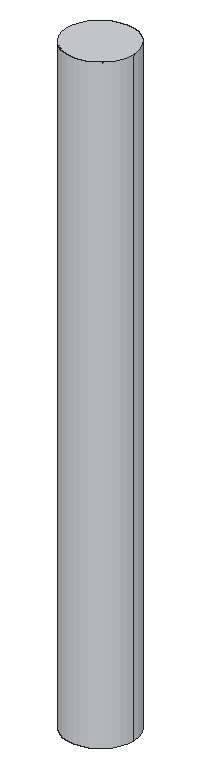
Revit family
Parameters (values of type "100mm")
  built-in parameter 1008623 [instance] = (empty or 0)
  built-in parameter 1008625 [instance] = (empty or 0)
  Radius = Width / 2  # 50 mm
  Post Material = none
  Width = 100 mm
  Post = yes
  built-in parameter 1008624 [instance] = (empty or 0)
  built-in parameter 1008622 [instance] = 915 mm
Types (5, lengths in mm): name | Radius | Width
  (no name) | 50 | 100
  30mm | 15 | 30
  60mm | 30 | 60
  100mm | 50 | 100
  150mm | 75 | 150
Reference planes
  plane 1 "Center (Front/Back)": y = 0
  plane 2: z = 0
  plane 3 "Center (Left/Right)": x = 0
  plane 4 "Top": z = 915
Forms (mm)
  Extrusion 1, solid, material <- "Post Material"
    sketch origin (0, 0, 0) x (1, 0, 0) y (0, 1, 0)
      loop
        circle (0, 0) r 50
    from 0 to 915
Dimensions and locks
  "built-in parameter 1008622": plane 2 to plane 4 "Top"
  "Radius": radius of Extrusion 1 sketch curve
  aligned and locked: Extrusion 1 to level
  aligned and locked: Extrusion 1 to plane 4 "Top"
Automatic sketch dimensions
  Extrusion 1 sketch curve to plane 1 "Center (Front/Back)" = 0 mm
  Extrusion 1 sketch curve to plane 3 "Center (Left/Right)" = 0 mm
